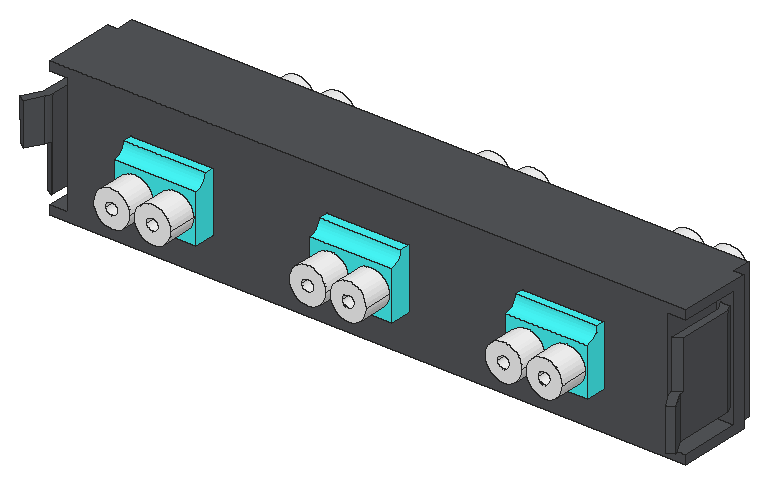
Revit family "LC Duplex 6 fibres", category Installations électriques, Revit 2020
Family settings
  Conserver l'orientation des annotations = Non
  Cote de connecteur circulaire = Utiliser le diamètre
  Type d'élément = Normal
  Basée sur le plan de construction = Non
  Toujours verticalement = Oui
  Couper avec des vides une fois chargée = Non
  Partagée = Non
  Point de calcul de pièce = Non
Parameters (values of type "Blox LC Duplex(AQUA)_POUR_6_FIBRES_MULTIMODE")
  Type de fibre optique = "Multimode"
  Type de connecteur interne = "LC_DUPLEX"
  Type de connecteur externe = "LC_DUPLEX"
  Température de stockage = "-10°C à 60°C"
  Température de fonctionnement = "-10°C à 60°C"
  Référence Legrand = "032136"
  RAL = "9017"
  Profondeur = 38.4 mm
  Nombre de connecteurs = 6
  Lien e-catalogue = "https://www.legrand.fr/reference/032136/pro"
  Libellé BIM = "Bloc LC Duplex aqua 6 fibres multimode"
  Largeur des connecteurs = 13.5 mm
  Largeur de l'ouverture = 13.5 mm
  Largeur (mm) = 108.8 mm
  IP = "IP20"
  IK = "IK04"
  Hauteur des connecteurs = 10 mm
  Hauteur de l'ouverture = 6.5 mm
  Hauteur = 23 mm
  Fonction = "Panneaux de brassage à connecteur optique Legrand"
  Elévation par défaut = 0 mm
  EAN = "3414971400290"
  Couleur des connecteurs = IDS_CYAN
  Couleur = IDS_NOIR
  Classe ETIM = "EC001130"
Types (3, lengths in mm): name | Type de fibre optique | Référence Legrand | Lien e-catalogue | Libellé BIM | EAN | Couleur des connecteurs
  Bloc LC Duplex 6 fibres monomode | "Monomode" | "032113" | "https://www.legrand.fr/reference/032113/pro" | "Bloc LC Duplex 6 fibres monomode" | "3414970961716" | IDS_BLEU
  Bloc LC Duplex 6 fibres multimode | "Multimode" | "032123" | "https://www.legrand.fr/reference/032123/pro" | "Bloc LC Duplex 6 fibres multimode" | "3414970961853" | IDS_JAUNE
  Blox LC Duplex(AQUA)_POUR_6_FIBRES_MULTIMODE | "Multimode" | "032136" | "https://www.legrand.fr/reference/032136/pro" | "Bloc LC Duplex aqua 6 fibres multimode" | "3414971400290" | IDS_CYAN
Reference planes
  plane 1 "Centre (avant/arrière)": y = 0
  plane 2: z = 0
  plane 3 "Centre (gauche/droite)": x = 0
  plane 4 "Clip bas": z = 4
  plane 5 "Clip haut": z = 19
  plane 6: x = 105.5
  plane 7: x = 52.75
  plane 8: through (0.797, -2.504, 1200) normal (-0.866, 0.5, 0)
  plane 9: z = 6.5
  plane 10: z = 16.5
  plane 11: z = 6.5
  plane 12: z = 16.5
  plane 13: x = 13.5
  plane 14: x = 27
  plane 15: z = 23
  plane 16: x = 46
  plane 17: x = 59.5
  plane 18: x = 78.5
  plane 19: x = 92
  plane 20: y = -3.5
  plane 21: y = 25.5
  plane 22: z = 10.5
  plane 23: x = 20.25
  plane 24: x = 16.875
  plane 25: x = 23.625
  plane 26: y = 11
  plane 27: z = 10.5
  plane 28: x = 52.75
  plane 29: x = 49.375
  plane 30: x = 56.125
  plane 31: z = 10.5
  plane 32: x = 85.25
  plane 33: x = 81.875
  plane 34: x = 88.625
  plane 35: z = 10.5
  plane 36: x = 20.25
  plane 37: x = 16.875
  plane 38: x = 23.625
  plane 39: z = 10.5
  plane 40: x = 52.75
  plane 41: x = 49.375
  plane 42: x = 56.125
  plane 43: z = 10.5
  plane 44: x = 85.25
  plane 45: x = 81.875
  plane 46: x = 88.625
Forms (mm)
  Extrusion 1, solid, material "IDS_NOIR"
    sketch origin (0, 0, 0) x (1, 0, 0) y (0, 1, 0)
      loop
        line (0, 0) -> (105.5, 0) -> (105.5, 12) -> (103.9, 12) -> (103.9, 15) -> (1.6, 15) -> (1.6, 12) -> (0, 12) -> (0, 0)
    from 0 to 23
  Extrusion 2, void
    sketch origin (0, 0, 0) x (-1, 0, 0) y (0, 0, 1)
      loop
        line (0, 21.5) -> (-3, 21.5) -> (-3, 1.5) -> (0, 1.5) -> (0, 21.5)
      loop
        line (-105.5, 21.5) -> (-105.5, 1.5) -> (-102.5, 1.5) -> (-102.5, 21.5) -> (-105.5, 21.5)
    from 0 to 10
  Extrusion 3, solid, material "IDS_NOIR"
    sketch origin (0, 25.162, 4) x (0, 1, 0) y (-1, 0, 0)
      loop
        line (-29.912, 0.5) -> (-27.374, -0.965)
        arc (-27.374, -0.965) -> (-26.771, -1.215) -> (-26.124, -1.3) r 2.5
        line (-26.124, -1.3) -> (-16.662, -1.3) -> (-15.162, -2.166) -> (-15.162, -0.665) -> (-16.313, 0) -> (-26.446, 0) -> (-29.262, 1.626) -> (-29.912, 0.5)
      loop
        line (-29.912, -106) -> (-29.262, -107.126) -> (-26.446, -105.5) -> (-16.313, -105.5) -> (-15.162, -104.835) -> (-15.162, -103.334) -> (-16.662, -104.2) -> (-26.124, -104.2)
        arc (-26.124, -104.2) -> (-26.771, -104.285) -> (-27.374, -104.535) r 2.5
        line (-27.374, -104.535) -> (-29.912, -106)
    from 0 to 15
  Extrusion 4, void
    sketch origin (0.797, -2.504, 1200) x (0.5, 0.866025, 0) y (0, 0, 1)
      loop
        line (-2.593, -1196) -> (1.407, -1196) -> (1.407, -1188) -> (-2.593, -1188) -> (-2.593, -1196)
    from 0 to -2.615
  Extrusion 5, void
    sketch origin (104.703, -2.504, 1200) x (-0.5, 0.866025, 0) y (0, 0, -1)
      loop
        line (-2.593, 1181) -> (1.407, 1181) -> (1.407, 1189) -> (-2.593, 1189) -> (-2.593, 1181)
    from 0 to -2.615
  Extrusion 6, void
    sketch origin (2.941, 0, 0) x (-1, 0, 0) y (0, 0, 1)
      loop
        line (-10.559, 16.5) -> (-24.059, 16.5) -> (-24.059, 6.5) -> (-10.559, 6.5) -> (-10.559, 16.5)
      loop
        line (-43.059, 6.5) -> (-43.059, 16.5) -> (-56.559, 16.5) -> (-56.559, 6.5) -> (-43.059, 6.5)
      loop
        line (-89.059, 16.5) -> (-89.059, 6.5) -> (-75.559, 6.5) -> (-75.559, 16.5) -> (-89.059, 16.5)
    from 0 to 15
  Extrusion 7, void
    sketch origin (0, 0, 0) x (-1, 0, 0) y (0, 0, 1)
      loop
        line (-13.5, 6.5) -> (-13.5, 16.5) -> (-27, 16.5) -> (-27, 6.5) -> (-13.5, 6.5)
      loop
        line (-46, 6.5) -> (-46, 16.5) -> (-59.5, 16.5) -> (-59.5, 6.5) -> (-46, 6.5)
      loop
        line (-78.5, 16.5) -> (-92, 16.5) -> (-92, 6.5) -> (-78.5, 6.5) -> (-78.5, 16.5)
    from 0 to 15
  Extrusion 8, solid, material "IDS_CYAN" <- "Couleur des connecteurs"
    sketch origin (3.167, -3.5, 1200) x (-1, 0, 0) y (0, 0, 1)
      loop
        line (-23.833, -1193.5) -> (-10.333, -1193.5) -> (-10.333, -1183.5) -> (-23.833, -1183.5) -> (-23.833, -1193.5)
      loop
        line (-42.833, -1193.5) -> (-42.833, -1183.5) -> (-56.333, -1183.5) -> (-56.333, -1193.5) -> (-42.833, -1193.5)
      loop
        line (-88.833, -1193.5) -> (-75.333, -1193.5) -> (-75.333, -1183.5) -> (-88.833, -1183.5) -> (-88.833, -1193.5)
    from 0 to 29
  Extrusion 9, void
    sketch origin (13.5, -1524, 1.878) x (0, 0, 1) y (0, -1, 0)
      loop
        line (14.622, -1522.5) -> (14.622, -1520.5) -> (12.622, -1520.5)
        arc (12.622, -1520.5) -> (13.207, -1521.914) -> (14.622, -1522.5) r 2
      loop
        line (12.622, -1549.5) -> (14.622, -1549.5) -> (14.622, -1547.5)
        arc (14.622, -1547.5) -> (13.207, -1548.086) -> (12.622, -1549.5) r 2
    from 0 to 93.5
  Extrusion 10, solid, material "IDS_BLANC"
    sketch origin (3.167, -3.5, 1200) x (-1, 0, 0) y (0, 0, 1)
      loop
        circle (-13.708, -1189.5) r 3
      loop
        circle (-13.708, -1189.5) r 1
      loop
        circle (-20.458, -1189.5) r 3
      loop
        circle (-20.458, -1189.5) r 1
    from 0 to -4.7
  Extrusion 11, solid, material "IDS_BLANC"
    sketch origin (35.667, -3.5, 1200) x (-1, 0, 0) y (0, 0, 1)
      loop
        circle (-13.708, -1189.5) r 3
      loop
        circle (-13.708, -1189.5) r 1
      loop
        circle (-20.458, -1189.5) r 3
      loop
        circle (-20.458, -1189.5) r 1
    from 0 to -4.7
  Extrusion 12, solid, material "IDS_BLANC"
    sketch origin (68.167, -3.5, 1200) x (-1, 0, 0) y (0, 0, 1)
      loop
        circle (-13.708, -1189.5) r 3
      loop
        circle (-13.708, -1189.5) r 1
      loop
        circle (-20.458, -1189.5) r 3
      loop
        circle (-20.458, -1189.5) r 1
    from 0 to -4.7
  Extrusion 13, solid, material "IDS_BLANC"
    sketch origin (3.167, 25.5, 1200) x (-1, 0, 0) y (0, 0, -1)
      loop
        circle (-13.708, 1189.5) r 3
      loop
        circle (-13.708, 1189.5) r 1
      loop
        circle (-20.458, 1189.5) r 3
      loop
        circle (-20.458, 1189.5) r 1
    from 0 to -4.7
  Extrusion 14, solid, material "IDS_BLANC"
    sketch origin (35.667, 25.5, 1200) x (-1, 0, 0) y (0, 0, -1)
      loop
        circle (-13.708, 1189.5) r 3
      loop
        circle (-13.708, 1189.5) r 1
      loop
        circle (-20.458, 1189.5) r 3
      loop
        circle (-20.458, 1189.5) r 1
    from 0 to -4.7
  Extrusion 15, solid, material "IDS_BLANC"
    sketch origin (68.167, 25.5, 1200) x (-1, 0, 0) y (0, 0, -1)
      loop
        circle (-13.708, 1189.5) r 3
      loop
        circle (-13.708, 1189.5) r 1
      loop
        circle (-20.458, 1189.5) r 3
      loop
        circle (-20.458, 1189.5) r 1
    from 0 to -4.7
Cuts and joins
  Extrusion 2, Extrusion 6, Extrusion 7 cuts Extrusion 1
  Extrusion 4, Extrusion 5 cuts Extrusion 3
  Extrusion 9 cuts Extrusion 8
Dimensions and locks
  locked: plane 1 "Centre (avant/arrière)" to Extrusion 1 sketch curve at 15
  locked: Extrusion 1 sketch curve to Extrusion 1 sketch curve at 105.5
  locked: Extrusion 1 sketch curve to Extrusion 1 sketch curve at 1.6  (x2)
  locked: Extrusion 1 sketch curve to Extrusion 1 sketch curve at 12
  locked: Extrusion 2 sketch curve to level at 1.5
  locked: Extrusion 1 to Extrusion 2 sketch curve at 1.5
  locked: Extrusion 2 sketch curve to plane 3 "Centre (gauche/droite)" at 3
  locked: Extrusion 2 sketch curve to Extrusion 1 at 3
  plane 4 "Clip bas" to level = 4 mm
  cut or joined group of Extrusion 1, Extrusion 2, Extrusion 6, Extrusion 7 to plane 5 "Clip haut" = 4 mm
  locked: Extrusion 3 sketch curve to plane 3 "Centre (gauche/droite)" at 0.5
  locked: Extrusion 3 sketch curve to plane 1 "Centre (avant/arrière)" at 4.75
  locked: plane 3 "Centre (gauche/droite)" to Extrusion 3 sketch curve at 1.3
  plane 1 "Centre (avant/arrière)" to Extrusion 3 sketch curve = 8.5 mm
  equal spacing: plane 3 "Centre (gauche/droite)", plane 7, plane 6, locked at 52.75 each
  locked: Extrusion 3 to Extrusion 4 sketch curve at 4
  locked: Extrusion 3 to Extrusion 4 sketch curve at 8
  cut or joined group of Extrusion 3, Extrusion 4, Extrusion 5 to Extrusion 5 sketch curve = 8 mm
  Extrusion 5 sketch curve to cut or joined group of Extrusion 3, Extrusion 4, Extrusion 5 = 4 mm
  "Hauteur de l'ouverture": plane 9 to level
  "Hauteur des connecteurs": plane 10 to plane 9
  "Hauteur des connecteurs": plane 12 to plane 11
  "Largeur de l'ouverture": plane 13 to plane 3 "Centre (gauche/droite)"
  "Largeur des connecteurs": plane 13 to plane 14
  locked: plane 15 to level at 23
  "Hauteur de l'ouverture": plane 15 to plane 12
  "Largeur de l'ouverture": plane 6 to plane 19
  locked: plane 20 to cut or joined group of Extrusion 1, Extrusion 2, Extrusion 6, Extrusion 7 at 3.5
  locked: plane 21 to cut or joined group of Extrusion 1, Extrusion 2, Extrusion 6, Extrusion 7 at 10.5
  equal spacing: plane 21, plane 26, plane 20
  equal spacing: cut or joined group of Extrusion 8, Extrusion 9, plane 22, cut or joined group of Extrusion 8, Extrusion 9
  "Largeur des connecteurs": plane 18 to plane 19
  "Largeur des connecteurs": plane 16 to plane 17
  equal spacing: plane 13, plane 23, plane 14
  equal spacing: plane 13, plane 24, plane 23
  equal spacing: plane 14, plane 25, plane 23
  plane 29 to plane 28 = 3.375 mm
  plane 30 to plane 28 = 3.375 mm
  plane 33 to plane 32 = 3.375 mm
  plane 34 to plane 32 = 3.375 mm
  plane 37 to plane 36 = 3.375 mm
  plane 38 to plane 36 = 3.375 mm
  plane 41 to plane 40 = 3.375 mm
  plane 42 to plane 40 = 3.375 mm
  plane 45 to plane 44 = 3.375 mm
  plane 46 to plane 44 = 3.375 mm
  radius of Extrusion 9 sketch curve = 2 mm  (x2)
  locked: cut or joined group of Extrusion 1, Extrusion 2, Extrusion 6, Extrusion 7 to Extrusion 3 sketch curve (angle 60.00°)
  aligned and locked: level to plane 2
  aligned and locked: plane 5 "Clip haut" to Extrusion 3
  aligned and locked: Extrusion 3 to plane 4 "Clip bas"
  aligned and locked: plane 6 to cut or joined group of Extrusion 1, Extrusion 2, Extrusion 6, Extrusion 7
  aligned and locked: Extrusion 4 sketch curve to Extrusion 3
  aligned and locked: Extrusion 3 to Extrusion 4 sketch curve
  aligned and locked: plane 8 to Extrusion 3
  aligned and locked: Extrusion 5 sketch curve to cut or joined group of Extrusion 3, Extrusion 4, Extrusion 5
  aligned and locked: plane 15 to cut or joined group of Extrusion 1, Extrusion 2, Extrusion 6, Extrusion 7
  aligned and locked: Extrusion 6 to plane 9
  aligned and locked: plane 10 to Extrusion 6
  aligned and locked: plane 13 to Extrusion 6
  aligned and locked: Extrusion 6 to plane 14
  aligned and locked: plane 9 to Extrusion 6 sketch curve
  aligned and locked: Extrusion 6 sketch curve to plane 16
  aligned and locked: Extrusion 6 sketch curve to plane 10
  aligned and locked: plane 17 to Extrusion 6 sketch curve
  aligned and locked: plane 10 to Extrusion 6 sketch curve
  aligned and locked: Extrusion 6 sketch curve to plane 9
  aligned and locked: plane 11 to Extrusion 7 sketch curve  (x2)
  aligned and locked: Extrusion 7 sketch curve to plane 12  (x2)
  aligned and locked: plane 14 to Extrusion 7 sketch curve
  aligned and locked: Extrusion 7 sketch curve to plane 13
  aligned and locked: Extrusion 7 sketch curve to plane 16
  aligned and locked: plane 17 to Extrusion 7 sketch curve
  aligned and locked: plane 12 to Extrusion 7 sketch curve
  aligned and locked: plane 18 to Extrusion 7 sketch curve
  aligned and locked: Extrusion 7 sketch curve to plane 11
  aligned and locked: Extrusion 1 to Extrusion 7
  aligned and locked: Extrusion 1 to Extrusion 6
  aligned and locked: Extrusion 2 sketch curve to Extrusion 2 sketch curve  (x2)
  aligned and locked: plane 21 to Extrusion 8
  aligned and locked: Extrusion 8 to Extrusion 9 sketch curve  (x2)
  aligned and locked: plane 19 to Extrusion 7 sketch curve
  aligned and locked: Extrusion 6 sketch curve to cut or joined group of Extrusion 8, Extrusion 9  (x2)
Automatic sketch dimensions
  plane 1 "Centre (avant/arrière)" to Extrusion 1 sketch curve = 0 mm
  Extrusion 1 sketch curve to plane 3 "Centre (gauche/droite)" = 0 mm
  plane 26 to Extrusion 1 sketch curve = 1 mm
  plane 6 to Extrusion 2 sketch curve = 0 mm
  Extrusion 2 sketch curve to plane 3 "Centre (gauche/droite)" = 0 mm
  Extrusion 3 sketch curve to plane 6 = 0 mm
  Extrusion 3 sketch curve to plane 3 "Centre (gauche/droite)" = 0 mm
  Extrusion 3 sketch curve to plane 20 = 1.25 mm
  Extrusion 3 sketch curve to plane 20 = 0.6 mm  (x2)
  plane 3 "Centre (gauche/droite)" to Extrusion 3 sketch curve = 0.965 mm
  plane 20 to Extrusion 3 sketch curve = 1.288 mm
  plane 1 "Centre (avant/arrière)" to Extrusion 3 sketch curve = 1.284 mm
  plane 1 "Centre (avant/arrière)" to Extrusion 3 sketch curve = 0.962 mm  (x2)
  Extrusion 3 sketch curve to plane 26 = 2.5 mm
  Extrusion 3 sketch curve to Extrusion 3 sketch curve = 0.348 mm  (x2)
  Extrusion 3 sketch curve to plane 26 = 1 mm  (x2)
  Extrusion 3 sketch curve to plane 6 = 0.5 mm
  Extrusion 3 sketch curve to plane 6 = 1.2 mm
  plane 6 to Extrusion 3 sketch curve = 0.665 mm
  Extrusion 3 sketch curve to Extrusion 3 sketch curve = 1.501 mm
  Extrusion 3 sketch curve to Extrusion 3 sketch curve = 0.866 mm
  plane 3 "Centre (gauche/droite)" to Extrusion 3 sketch curve = 0.665 mm
  Extrusion 5 sketch curve to Extrusion 5 sketch curve = 4 mm
  Extrusion 6 sketch curve to plane 9 = 0 mm
  plane 14 to Extrusion 6 sketch curve = 0 mm
  Extrusion 6 sketch curve to plane 10 = 0 mm
  plane 13 to Extrusion 6 sketch curve = 0 mm
  Extrusion 8 sketch curve to plane 10 = 0 mm  (x3)
  Extrusion 8 sketch curve to plane 19 = 0 mm
  Extrusion 8 sketch curve to plane 9 = 0 mm  (x3)
  plane 18 to Extrusion 8 sketch curve = 0 mm
  plane 17 to Extrusion 8 sketch curve = 0 mm
  plane 16 to Extrusion 8 sketch curve = 0 mm
  plane 14 to Extrusion 8 sketch curve = 0 mm
  plane 13 to Extrusion 8 sketch curve = 0 mm
  Extrusion 9 sketch curve to plane 10 = 0 mm  (x2)
  Extrusion 10 sketch curve to Extrusion 10 sketch curve = 0 mm  (x4)
  Extrusion 10 sketch curve to plane 22 = 0 mm  (x2)
  plane 25 to Extrusion 10 sketch curve = 0 mm
  Extrusion 10 sketch curve to plane 24 = 0 mm
  Extrusion 11 sketch curve to Extrusion 11 sketch curve = 0 mm  (x4)
  Extrusion 11 sketch curve to plane 27 = 0 mm  (x2)
  plane 30 to Extrusion 11 sketch curve = 0 mm
  Extrusion 11 sketch curve to plane 29 = 0 mm
  Extrusion 12 sketch curve to Extrusion 12 sketch curve = 0 mm  (x4)
  Extrusion 12 sketch curve to plane 31 = 0 mm  (x2)
  plane 34 to Extrusion 12 sketch curve = 0 mm
  Extrusion 12 sketch curve to plane 33 = 0 mm
  Extrusion 13 sketch curve to Extrusion 13 sketch curve = 0 mm  (x4)
  Extrusion 13 sketch curve to plane 35 = 0 mm  (x2)
  plane 38 to Extrusion 13 sketch curve = 0 mm
  Extrusion 13 sketch curve to plane 37 = 0 mm
  Extrusion 14 sketch curve to Extrusion 14 sketch curve = 0 mm  (x4)
  Extrusion 14 sketch curve to plane 39 = 0 mm  (x2)
  plane 42 to Extrusion 14 sketch curve = 0 mm
  Extrusion 14 sketch curve to plane 41 = 0 mm
  Extrusion 15 sketch curve to Extrusion 15 sketch curve = 0 mm  (x4)
  Extrusion 15 sketch curve to plane 43 = 0 mm  (x2)
  plane 46 to Extrusion 15 sketch curve = 0 mm
  Extrusion 15 sketch curve to plane 45 = 0 mm
  radius of Extrusion 10 sketch curve = 3 mm  (x2)
  radius of Extrusion 10 sketch curve = 1 mm  (x2)
  radius of Extrusion 11 sketch curve = 3 mm  (x2)
  radius of Extrusion 11 sketch curve = 1 mm  (x2)
  radius of Extrusion 12 sketch curve = 3 mm  (x2)
  radius of Extrusion 12 sketch curve = 1 mm  (x2)
  radius of Extrusion 13 sketch curve = 3 mm  (x2)
  radius of Extrusion 13 sketch curve = 1 mm  (x2)
  radius of Extrusion 14 sketch curve = 3 mm  (x2)
  radius of Extrusion 14 sketch curve = 1 mm  (x2)
  radius of Extrusion 15 sketch curve = 3 mm  (x2)
  radius of Extrusion 15 sketch curve = 1 mm  (x2)
